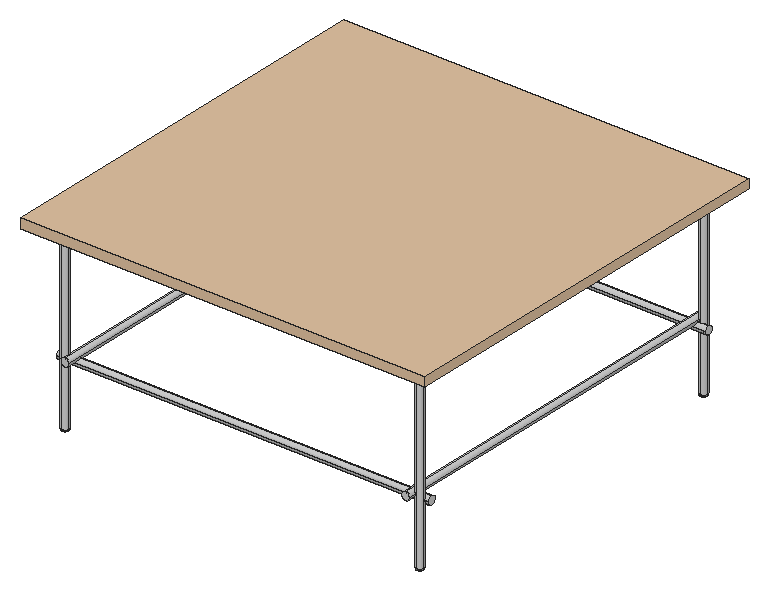
Revit family "FU_Modular_Sandler_NUC0150", category Furniture, Revit 2020
Family settings
  OmniClass Number = 23.40.20.00
  OmniClass Title = General Furniture and Specialties
  Work Plane-Based = No
  Always vertical = Yes
  Cut with Voids When Loaded = No
  Shared = No
  Room Calculation Point = No
Parameters (values of type "NUC 0150")
  Width = 800 mm
  URL = "https://www.sandlerseating.com/product/nuc-0150/"
  Top [instance] = Wood - Oak - Natural - V
  Model = "NUC 0150"
  Manufacturer = "Sandler"
  Height = 380 mm
  Frame [instance] = Metal - Chrome - Polished
  Description = "Low table on epoxy steel frame. 80cm / 31.5″ square."
  Depth = 800 mm
  Default Elevation = 0 mm
Reference planes
  plane 1 "Center (Front/Back)": y = 0
  plane 2: z = 0
  plane 3 "Center (Left/Right)": x = 0
  plane 4 "Right": x = -400
  plane 5 "Left": x = 400
  plane 6 "Back": y = 400
  plane 7 "Front": y = -400
  plane 8 "Height": z = 380
  plane 9 "Top base": z = 362
  plane 10 "Cross Right TOP": x = -368.091
  plane 11 "Side Back TOP": y = 367.81
  plane 12 "RL CY TOP": x = -351.061
  plane 13 "RS C TOP": x = -336.785
  plane 14 "BL CX TOP": y = 350.755
  plane 15 "BC C TOP": y = 342.729
  plane 16 "Side Front TOP": y = -367.81
  plane 17 "FL CX TOP": y = -350.755
  plane 18 "FC C TOP": y = -342.729
  plane 19 "Cross Left TOP": x = 368.091
  plane 20 "FL CY TOP": x = 351.061
  plane 21 "LS C TOP": x = 336.785
  plane 22 "Glide FRONT": z = 5.5
  plane 23 "Cross C FRONT": z = 125.125
  plane 24 "Side C RIGHT": z = 132.455
Forms (mm)
  Sweep 1, solid, material "Metal - Chrome - Polished" <- "Frame"
    path origin (0, 350.755, 0) x (1, 0, 0) y (0, 0, 1)
      loop
        line (-351.061, 5.5) -> (-351.061, 362)
    profile "Pro_Circles : 15mm" origin (-351.061, 350.755, 183.75) x (-1, 0, 0) y (0, -1, 0)
      loop
        arc (-7.467, 0.067) -> (-5.347, -5.252) -> (-0.067, -7.467) r 7.401
        arc (-0.067, -7.467) -> (5.3, -5.301) -> (7.467, 0.067) r 7.402
        arc (7.467, 0.067) -> (5.252, 5.347) -> (-0.067, 7.467) r 7.401
        arc (-0.067, 7.467) -> (-5.299, 5.299) -> (-7.467, 0.067) r 7.4
  Sweep 2, solid, material "Metal - Chrome - Polished" <- "Frame"
    path origin (0, -350.755, 0) x (1, 0, 0) y (0, 0, 1)
      loop
        line (-351.061, 5.5) -> (-351.061, 362)
    profile "Pro_Circles : 15mm" origin (-351.061, -350.755, 183.75) x (1, 0, 0) y (0, 1, 0)
      loop
        arc (7.467, 0.067) -> (5.299, 5.299) -> (0.067, 7.467) r 7.4
        arc (0.067, 7.467) -> (-5.252, 5.347) -> (-7.467, 0.067) r 7.401
        arc (-7.467, 0.067) -> (-5.3, -5.301) -> (0.067, -7.467) r 7.402
        arc (0.067, -7.467) -> (5.347, -5.252) -> (7.467, 0.067) r 7.401
  Sweep 3, solid, material "Metal - Chrome - Polished" <- "Frame"
    path origin (0, 350.755, 0) x (-1, 0, 0) y (0, 0, 1)
      loop
        line (-351.061, 5.5) -> (-351.061, 362)
    profile "Pro_Circles : 15mm" origin (351.061, 350.755, 183.75) x (-1, 0, 0) y (0, -1, 0)
      loop
        arc (7.467, 0.067) -> (5.299, 5.299) -> (0.067, 7.467) r 7.4
        arc (0.067, 7.467) -> (-5.252, 5.347) -> (-7.467, 0.067) r 7.401
        arc (-7.467, 0.067) -> (-5.3, -5.301) -> (0.067, -7.467) r 7.402
        arc (0.067, -7.467) -> (5.347, -5.252) -> (7.467, 0.067) r 7.401
  Sweep 4, solid, material "Metal - Chrome - Polished" <- "Frame"
    path origin (0, -350.755, 0) x (-1, 0, 0) y (0, 0, 1)
      loop
        line (-351.061, 5.5) -> (-351.061, 362)
    profile "Pro_Circles : 15mm" origin (351.061, -350.755, 183.75) x (1, 0, 0) y (0, 1, 0)
      loop
        arc (-7.467, 0.067) -> (-5.347, -5.252) -> (-0.067, -7.467) r 7.401
        arc (-0.067, -7.467) -> (5.3, -5.301) -> (7.467, 0.067) r 7.402
        arc (7.467, 0.067) -> (5.252, 5.347) -> (-0.067, 7.467) r 7.401
        arc (-0.067, 7.467) -> (-5.299, 5.299) -> (-7.467, 0.067) r 7.4
  Sweep 5, solid, material "Metal - Chrome - Polished" <- "Frame"
    path origin (0, 342.729, 0) x (1, 0, 0) y (0, 0, 1)
      loop
        line (-368.091, 125.125) -> (368.091, 125.125)
    profile "Pro_Circles : 15mm" origin (0, 342.729, 125.125) x (0, 0, 1) y (0, -1, 0)
      loop
        arc (-7.467, 0.067) -> (-5.347, -5.252) -> (-0.067, -7.467) r 7.401
        arc (-0.067, -7.467) -> (5.3, -5.301) -> (7.467, 0.067) r 7.402
        arc (7.467, 0.067) -> (5.252, 5.347) -> (-0.067, 7.467) r 7.401
        arc (-0.067, 7.467) -> (-5.299, 5.299) -> (-7.467, 0.067) r 7.4
  Sweep 6, solid, material "Metal - Chrome - Polished" <- "Frame"
    path origin (0, -342.729, 0) x (1, 0, 0) y (0, 0, 1)
      loop
        line (-368.091, 125.125) -> (368.091, 125.125)
    profile "Pro_Circles : 15mm" origin (0, -342.729, 125.125) x (0, 0, -1) y (0, 1, 0)
      loop
        arc (7.467, 0.067) -> (5.299, 5.299) -> (0.067, 7.467) r 7.4
        arc (0.067, 7.467) -> (-5.252, 5.347) -> (-7.467, 0.067) r 7.401
        arc (-7.467, 0.067) -> (-5.3, -5.301) -> (0.067, -7.467) r 7.402
        arc (0.067, -7.467) -> (5.347, -5.252) -> (7.467, 0.067) r 7.401
  Sweep 7, solid, material "Metal - Chrome - Polished" <- "Frame"
    path origin (0, 0, 132.455) x (0, -1, 0) y (1, 0, 0)
      loop
        line (367.81, -336.785) -> (-367.81, -336.785)
    profile "Pro_Circles : 15mm" origin (-336.785, 0, 132.455) x (-1, 0, 0) y (0, 0, 1)
      loop
        arc (-7.467, 0.067) -> (-5.347, -5.252) -> (-0.067, -7.467) r 7.401
        arc (-0.067, -7.467) -> (5.3, -5.301) -> (7.467, 0.067) r 7.402
        arc (7.467, 0.067) -> (5.252, 5.347) -> (-0.067, 7.467) r 7.401
        arc (-0.067, 7.467) -> (-5.299, 5.299) -> (-7.467, 0.067) r 7.4
  Sweep 8, solid, material "Metal - Chrome - Polished" <- "Frame"
    path origin (0, 0, 132.455) x (0, -1, 0) y (-1, 0, 0)
      loop
        line (367.81, -336.785) -> (-367.81, -336.785)
    profile "Pro_Circles : 15mm" origin (336.785, 0, 132.455) x (-1, 0, 0) y (0, 0, 1)
      loop
        arc (7.467, 0.067) -> (5.299, 5.299) -> (0.067, 7.467) r 7.4
        arc (0.067, 7.467) -> (-5.252, 5.347) -> (-7.467, 0.067) r 7.401
        arc (-7.467, 0.067) -> (-5.3, -5.301) -> (0.067, -7.467) r 7.402
        arc (0.067, -7.467) -> (5.347, -5.252) -> (7.467, 0.067) r 7.401
  Revolve 9, solid, material "Rubber, Black"
    sketch origin (0, 350.755, 0) x (1, 0, 0) y (0, 0, 1)
      loop
        line (-358.073, 5.5) -> (-358.073, 2.935)
        arc (-358.073, 2.935) -> (-357.708, 1.769) -> (-356.742, 1.02) r 2.043
        arc (-356.742, 1.02) -> (-353.947, 0.256) -> (-351.061, -0.002) r 16.329
        line (-351.061, -0.002) -> (-351.061, 18.327) -> (-356.144, 18.327) -> (-356.144, 5.5) -> (-358.073, 5.5)
      axis (-351.061, 18.327) -> (-351.061, -0.002)
    angle from 0 to 360
  Revolve 10, solid, material "Rubber, Black"
    sketch origin (0, 350.755, 0) x (-1, 0, 0) y (0, 0, 1)
      loop
        line (-358.073, 5.5) -> (-358.073, 2.935)
        arc (-358.073, 2.935) -> (-357.708, 1.769) -> (-356.742, 1.02) r 2.043
        arc (-356.742, 1.02) -> (-353.947, 0.256) -> (-351.061, -0.002) r 16.329
        line (-351.061, -0.002) -> (-351.061, 18.327) -> (-356.144, 18.327) -> (-356.144, 5.5) -> (-358.073, 5.5)
      axis (-351.061, 18.327) -> (-351.061, -0.002)
    angle from 0 to 360
  Revolve 11, solid, material "Rubber, Black"
    sketch origin (0, -350.755, 0) x (1, 0, 0) y (0, 0, 1)
      loop
        line (358.073, 5.5) -> (356.144, 5.5) -> (356.144, 18.327) -> (351.061, 18.327) -> (351.061, -0.002)
        arc (351.061, -0.002) -> (353.947, 0.256) -> (356.742, 1.02) r 16.329
        arc (356.742, 1.02) -> (357.708, 1.769) -> (358.073, 2.935) r 2.043
        line (358.073, 2.935) -> (358.073, 5.5)
      axis (351.061, 18.327) -> (351.061, -0.002)
    angle from 0 to 360
  Revolve 12, solid, material "Rubber, Black"
    sketch origin (0, -350.755, 0) x (1, 0, 0) y (0, 0, 1)
      loop
        line (-358.073, 5.5) -> (-358.073, 2.935)
        arc (-358.073, 2.935) -> (-357.708, 1.769) -> (-356.742, 1.02) r 2.043
        arc (-356.742, 1.02) -> (-353.947, 0.256) -> (-351.061, -0.002) r 16.329
        line (-351.061, -0.002) -> (-351.061, 18.327) -> (-356.144, 18.327) -> (-356.144, 5.5) -> (-358.073, 5.5)
      axis (-351.061, 18.327) -> (-351.061, -0.002)
    angle from 0 to 360
  Extrusion 13, solid, material "Wood - Oak - Natural - V" <- "Top"
    sketch origin (0, 0, 362) x (-1, 0, 0) y (0, -1, 0)
      loop
        line (400, -400) -> (400, 400) -> (-400, 400) -> (-400, -400) -> (400, -400)
    from 0 to 18
Dimensions and locks
  equal spacing: plane 4 "Right", plane 3 "Center (Left/Right)", plane 5 "Left"
  "Width": plane 4 "Right" to plane 5 "Left"
  equal spacing: plane 6 "Back", plane 1 "Center (Front/Back)", plane 7 "Front"
  "Depth": plane 6 "Back" to plane 7 "Front"
  "Height": plane 8 "Height" to level
  plane 8 "Height" to plane 9 "Top base" = 18 mm
  plane 6 "Back" to plane 11 "Side Back TOP" to plane 14 "BL CX TOP" to plane 15 "BC C TOP" = 32.19 mm locked, 17.055 mm locked, 8.026 mm locked
  plane 4 "Right" to plane 10 "Cross Right TOP" to plane 12 "RL CY TOP" to plane 13 "RS C TOP" = 31.909 mm locked, 17.03 mm locked, 14.275 mm locked
  plane 21 "LS C TOP" to plane 20 "FL CY TOP" to plane 19 "Cross Left TOP" to plane 5 "Left" = 14.275 mm locked, 17.03 mm locked, 31.909 mm locked
  plane 18 "FC C TOP" to plane 17 "FL CX TOP" to plane 16 "Side Front TOP" to plane 7 "Front" = 8.026 mm locked, 17.055 mm locked, 32.19 mm locked
  aligned and locked: level to plane 2
  aligned and locked: plane 9 "Top base" to Sweep 1 sketch curve
  aligned and locked: plane 22 "Glide FRONT" to Sweep 1 sketch curve
  aligned and locked: plane 19 "Cross Left TOP" to Sweep 5 sketch curve
  aligned and locked: plane 10 "Cross Right TOP" to Sweep 5 sketch curve
  aligned and locked: plane 11 "Side Back TOP" to Sweep 7 sketch curve
  aligned and locked: plane 16 "Side Front TOP" to Sweep 7 sketch curve
  aligned and locked: Extrusion 13 sketch curve to plane 6 "Back"
  aligned and locked: Extrusion 13 sketch curve to plane 4 "Right"
  aligned and locked: plane 7 "Front" to Extrusion 13 sketch curve
  aligned and locked: plane 5 "Left" to Extrusion 13 sketch curve
Automatic sketch dimensions
  plane 12 "RL CY TOP" to Sweep 1 sketch curve = 0 mm
  Sweep 2 sketch curve to plane 9 "Top base" = 0 mm
  plane 12 "RL CY TOP" to Sweep 2 sketch curve = 0 mm
  Sweep 2 sketch curve to plane 22 "Glide FRONT" = 0 mm
  Sweep 3 sketch curve to plane 9 "Top base" = 0 mm
  Sweep 3 sketch curve to plane 20 "FL CY TOP" = 0 mm
  Sweep 3 sketch curve to plane 22 "Glide FRONT" = 0 mm
  Sweep 4 sketch curve to plane 9 "Top base" = 0 mm
  Sweep 4 sketch curve to plane 20 "FL CY TOP" = 0 mm
  Sweep 4 sketch curve to plane 22 "Glide FRONT" = 0 mm
  Sweep 5 sketch curve to plane 23 "Cross C FRONT" = 0 mm
  plane 10 "Cross Right TOP" to Sweep 6 sketch curve = 0 mm
  Sweep 6 sketch curve to plane 19 "Cross Left TOP" = 0 mm
  Sweep 6 sketch curve to plane 23 "Cross C FRONT" = 0 mm
  Sweep 7 sketch curve to plane 13 "RS C TOP" = 0 mm
  plane 11 "Side Back TOP" to Sweep 8 sketch curve = 0 mm
  Sweep 8 sketch curve to plane 16 "Side Front TOP" = 0 mm
  Sweep 8 sketch curve to plane 21 "LS C TOP" = 0 mm
  Revolve 9 sketch curve to plane 22 "Glide FRONT" = 0 mm
  plane 12 "RL CY TOP" to Revolve 9 sketch curve = 0 mm  (x2)
  plane 12 "RL CY TOP" to Revolve 9 sketch curve = 4.969 mm
  plane 12 "RL CY TOP" to Revolve 9 sketch curve = 5.083 mm
  Revolve 9 sketch curve to Revolve 9 sketch curve = 1.929 mm
  Revolve 9 sketch curve to plane 12 "RL CY TOP" = 0.006 mm
  Revolve 9 sketch curve to Revolve 9 sketch curve = 2.565 mm
  Revolve 9 sketch curve to level = 0.002 mm
  plane 22 "Glide FRONT" to Revolve 9 sketch curve = 10.827 mm
  Revolve 9 sketch curve to Revolve 9 sketch curve = 2 mm
  Revolve 9 sketch curve to Revolve 9 sketch curve = 3.769 mm
  Revolve 9 sketch curve to Revolve 9 sketch curve = 2.902 mm
  Revolve 10 sketch curve to plane 22 "Glide FRONT" = 0 mm
  Revolve 10 sketch curve to plane 20 "FL CY TOP" = 0 mm  (x2)
  Revolve 10 sketch curve to plane 20 "FL CY TOP" = 4.969 mm
  Revolve 10 sketch curve to plane 20 "FL CY TOP" = 5.083 mm
  Revolve 10 sketch curve to Revolve 10 sketch curve = 1.929 mm
  plane 20 "FL CY TOP" to Revolve 10 sketch curve = 0.006 mm
  plane 22 "Glide FRONT" to Revolve 10 sketch curve = 2.565 mm
  level to Revolve 10 sketch curve = 0.002 mm
  Revolve 10 sketch curve to plane 22 "Glide FRONT" = 10.827 mm
  Revolve 10 sketch curve to Revolve 10 sketch curve = 2 mm
  Revolve 10 sketch curve to Revolve 10 sketch curve = 3.769 mm
  Revolve 10 sketch curve to Revolve 10 sketch curve = 2.902 mm
  Revolve 11 sketch curve to plane 20 "FL CY TOP" = 0 mm  (x2)
  Revolve 11 sketch curve to plane 22 "Glide FRONT" = 0 mm
  plane 20 "FL CY TOP" to Revolve 11 sketch curve = 0.006 mm
  Revolve 11 sketch curve to plane 20 "FL CY TOP" = 4.969 mm
  Revolve 11 sketch curve to plane 20 "FL CY TOP" = 5.083 mm
  Revolve 11 sketch curve to Revolve 11 sketch curve = 1.929 mm
  plane 22 "Glide FRONT" to Revolve 11 sketch curve = 2.565 mm
  level to Revolve 11 sketch curve = 0.002 mm
  Revolve 11 sketch curve to plane 22 "Glide FRONT" = 10.827 mm
  Revolve 11 sketch curve to Revolve 11 sketch curve = 2 mm
  Revolve 11 sketch curve to Revolve 11 sketch curve = 3.769 mm
  Revolve 11 sketch curve to Revolve 11 sketch curve = 2.902 mm
  Revolve 12 sketch curve to plane 22 "Glide FRONT" = 0 mm
  plane 12 "RL CY TOP" to Revolve 12 sketch curve = 0 mm  (x2)
  Revolve 12 sketch curve to plane 12 "RL CY TOP" = 4.969 mm
  Revolve 12 sketch curve to plane 12 "RL CY TOP" = 5.083 mm
  Revolve 12 sketch curve to Revolve 12 sketch curve = 1.929 mm
  plane 12 "RL CY TOP" to Revolve 12 sketch curve = 0.006 mm
  Revolve 12 sketch curve to Revolve 12 sketch curve = 2.565 mm
  level to Revolve 12 sketch curve = 0.002 mm
  Revolve 12 sketch curve to plane 22 "Glide FRONT" = 10.827 mm
  Revolve 12 sketch curve to Revolve 12 sketch curve = 2 mm
  Revolve 12 sketch curve to Revolve 12 sketch curve = 3.769 mm
  Revolve 12 sketch curve to Revolve 12 sketch curve = 2.902 mm
